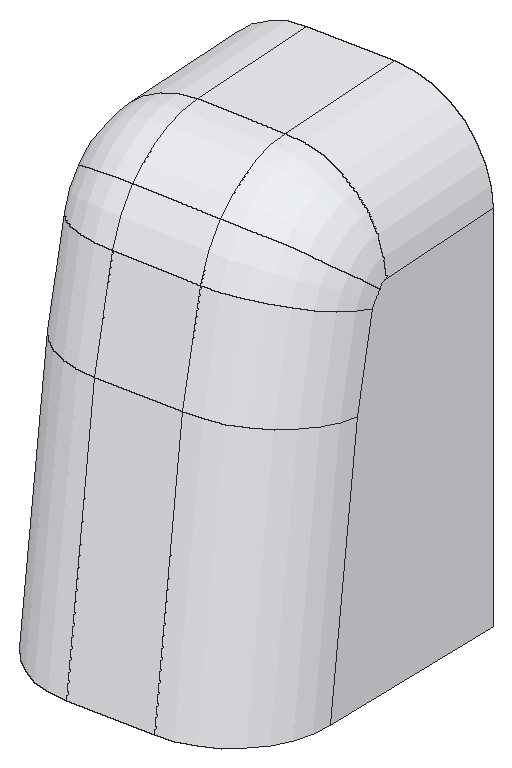
Revit family "Basin-Caroma Opal Sole Shroud", category Plumbing Fixtures, host Face, Revit 2012
Parameters (values of type "Shroud")
  Waste Connection = no
  Waste = Metal-Chrome-Caroma
  Vent Connection = no
  URL = "www.caroma.com.au"
  Type Comments = "Shroud"  # constant formula
  PlumbingMaterial_ANZRS = Porcelain-White-Caroma
  Model = "631701"
  Manufacturer = "Caroma"  # constant formula
  HW Connection = no
  Description = "Opal Sole Shroud"  # constant formula
  Default Elevation = 785 mm
  CreatedBy_ANZRS = "Design Content"  # constant formula
  CreatedByURL_ANZRS = "www.designcontent.com.au"
  CW Connection = no
Reference planes
  plane 1 "Origin": y = 0
  plane 2 "Back": z = 0
  plane 3 "Center (Left/Right)": x = 0
  plane 4 "Top": y = 107.5
  plane 5 "Front": z = 338
  plane 6 "Left": x = -101.5
  plane 7 "Right": x = 101.5
  plane 8 "Bottom": y = -107.5
Forms (mm)
  Sweep 1, solid, material "Porcelain-White-Caroma" <- "PlumbingMaterial_ANZRS"
    path origin (0, 0, 0) x (0, 1, 0) y (0, 0, 1)
      loop
        line (107.5, 338) -> (10.158, 334.354)
        arc (10.158, 334.354) -> (-22.024, 326.126) -> (-47.936, 305.342) r 78.616
        arc (-47.936, 305.342) -> (-58.853, 288.791) -> (-66.31, 270.419) r 100.539
        arc (-66.31, 270.419) -> (-75.635, 233.506) -> (-82.026, 195.973) r 483.426
        line (-82.026, 195.973) -> (-107.5, 0)
    profile origin (0, -47.936, 305.342) x (0, 0.77639, -0.630253) y (1, 0, 0)
      loop
        arc (0, -31.5) -> (20.503, -80.997) -> (70, -101.5) r 70
        line (70, -101.5) -> (75, -101.5) -> (75, -96.5) -> (70, -96.5)
        arc (70, -96.5) -> (24.038, -77.462) -> (5, -31.5) r 65
        line (5, -31.5) -> (5, 31.5)
        arc (5, 31.5) -> (24.038, 77.462) -> (70, 96.5) r 65
        line (70, 96.5) -> (75, 96.5) -> (75, 101.5) -> (70, 101.5)
        arc (70, 101.5) -> (20.503, 80.997) -> (0, 31.5) r 70
        line (0, 31.5) -> (0, -31.5)
  Extrusion 2, void
    sketch origin (0, 0, 0) x (0, 1, 0) y (0, 0, 1)
      loop
        line (107.5, 255.732) -> (152.5, 255.732) -> (152.5, 355.732) -> (107.5, 355.732) -> (107.5, 255.732)
    from 200 to -200
  Extrusion 3, solid, material "Porcelain-White-Caroma" <- "PlumbingMaterial_ANZRS"
    sketch origin (0, 0, 0) x (0, 1, 0) y (0, 0, 1)
      loop
        line (107.5, 262.947) -> (12.965, 259.407)
        arc (12.965, 259.407) -> (11.485, 259.029) -> (10.293, 258.073) r 3.616
        arc (10.293, 258.073) -> (7.52, 253.868) -> (5.626, 249.202) r 25.539
        arc (5.626, 249.202) -> (-1.722, 220.487) -> (-6.969, 191.314) r 408.426
        arc (-6.969, 191.314) -> (-7.318, 188.811) -> (-7.651, 186.305) r 408.426
        line (-7.651, 186.305) -> (-21.5, 79.769) -> (-31.869, 0) -> (107.5, 0) -> (107.5, 262.947)
    from 101.5 to 96.5
  Extrusion 4, solid, material "Porcelain-White-Caroma" <- "PlumbingMaterial_ANZRS"
    sketch origin (0, 0, 0) x (0, 1, 0) y (0, 0, -1)
      loop
        line (107.5, -262.947) -> (107.5, 0) -> (-31.869, 0) -> (-21.5, -79.769) -> (-7.651, -186.305)
        arc (-7.651, -186.305) -> (-7.318, -188.811) -> (-6.969, -191.314) r 408.426
        arc (-6.969, -191.314) -> (-1.722, -220.487) -> (5.626, -249.202) r 408.426
        arc (5.626, -249.202) -> (7.52, -253.868) -> (10.293, -258.073) r 25.539
        arc (10.293, -258.073) -> (11.485, -259.029) -> (12.965, -259.407) r 3.616
        line (12.965, -259.407) -> (107.5, -262.947)
    from 101.5 to 96.5
  Extrusion 5, void
    sketch origin (0, 0, 0) x (0, 1, 0) y (0, 0, 1)
      loop
        line (43.858, 0) -> (-161.142, 0) -> (-161.142, -45) -> (43.858, -45) -> (43.858, 0)
    from 200 to -200
Cuts and joins
  Extrusion 2, Extrusion 5 cuts Sweep 1
  Extrusion 5 cuts Extrusion 3
  Extrusion 5 cuts Extrusion 4
  joined: Sweep 1, Extrusion 3, Extrusion 4
Lines and regions (mm)
  Masking region 1
    outline origin (0, 0, 0) x (0, 1, 0) y (0, 0, 1)
      loop
        line (107.5, 338) -> (10.158, 334.354)
        arc (10.158, 334.354) -> (-22.024, 326.126) -> (-47.936, 305.342) r 78.616
        arc (-47.936, 305.342) -> (-58.853, 288.791) -> (-66.31, 270.419) r 100.539
        arc (-66.31, 270.419) -> (-75.635, 233.506) -> (-82.026, 195.973) r 483.426
        line (-82.026, 195.973) -> (-107.5, 0) -> (107.5, 0) -> (107.5, 338)
  Masking region 2
    outline origin (0, 0, 0) x (1, 0, 0) y (0, 1, 0)
      loop
        line (-101.5, 107.5) -> (-101.468, -36.911)
        arc (-101.468, -36.911) -> (-81.743, -86.065) -> (-33.31, -107.5) r 70.297
        line (-33.31, -107.5) -> (33.31, -107.5)
        arc (33.31, -107.5) -> (81.743, -86.065) -> (101.5, -36.911) r 70.297
        line (101.5, -36.911) -> (101.5, 107.5) -> (-101.5, 107.5)
Dimensions and locks
  equal spacing: plane 6 "Left", plane 3 "Center (Left/Right)", plane 7 "Right"
  plane 6 "Left" to plane 7 "Right" = 203 mm
  equal spacing: plane 4 "Top", plane 1 "Origin", plane 8 "Bottom"
  plane 8 "Bottom" to plane 4 "Top" = 215 mm
  plane 5 "Front" to level = 338 mm
  level to plane 5 "Front" = 338 mm
  aligned and locked: plane 2 "Back" to host face
  aligned and locked: level to host face
Automatic sketch dimensions
  host sketch curve to host sketch curve = 2438.4 mm  (x2)
  Sweep 1 sketch curve to level = 0 mm
  Sweep 1 sketch curve to plane 8 "Bottom" = 0 mm
  Sweep 1 sketch curve to plane 4 "Top" = 0 mm
  Sweep 1 sketch curve to plane 5 "Front" = 0 mm
  Sweep 1 sketch curve to plane 8 "Bottom" = 25.474 mm
  Sweep 1 sketch curve to plane 8 "Bottom" = 41.19 mm
  Sweep 1 sketch curve to Sweep 1 sketch curve = 0 mm  (x6)
  Sweep 1 sketch curve to plane 5 "Front" = 32.658 mm
  Sweep 1 sketch curve to Sweep 1 sketch curve = 18.374 mm
  Sweep 1 sketch curve to plane 5 "Front" = 3.645 mm
  Sweep 1 sketch curve to plane 1 "Origin" = 10.158 mm
  Sweep 1 sketch curve to plane 1 "Origin" = 13.1 mm
  Sweep 1 sketch curve to Sweep 1 sketch curve = 17.021 mm
  level to Sweep 1 sketch curve = 133.658 mm
  Sweep 1 sketch curve to profile plane = 0 mm
  Sweep 1 sketch curve to profile plane = 5 mm
  Sweep 1 sketch curve to profile plane = 70 mm  (x2)
  Sweep 1 sketch curve to Sweep 1 sketch curve = 5 mm  (x2)
  Sweep 1 sketch curve to plane 3 "Center (Left/Right)" = 101.5 mm
  plane 3 "Center (Left/Right)" to Sweep 1 sketch curve = 31.5 mm
  Extrusion 2 sketch curve to plane 4 "Top" = 0 mm
  plane 5 "Front" to Extrusion 2 sketch curve = 17.732 mm
  Extrusion 2 sketch curve to Extrusion 2 sketch curve = 45 mm
  Extrusion 2 sketch curve to plane 5 "Front" = 82.268 mm
  Masking region 1 sketch curve to level = 0 mm
  Masking region 1 sketch curve to plane 8 "Bottom" = 0 mm
  Masking region 1 sketch curve to plane 4 "Top" = 0 mm
  Masking region 1 sketch curve to plane 5 "Front" = 0 mm
  Masking region 1 sketch curve to plane 8 "Bottom" = 25.474 mm
  Masking region 1 sketch curve to plane 8 "Bottom" = 41.19 mm
  Masking region 1 sketch curve to Masking region 1 sketch curve = 0 mm  (x2)
  Masking region 1 sketch curve to plane 5 "Front" = 32.658 mm
  Masking region 1 sketch curve to Masking region 1 sketch curve = 18.374 mm
  Masking region 1 sketch curve to plane 5 "Front" = 3.645 mm
  Masking region 1 sketch curve to plane 1 "Origin" = 10.158 mm
  Masking region 1 sketch curve to plane 1 "Origin" = 13.1 mm
  Masking region 1 sketch curve to Masking region 1 sketch curve = 17.021 mm
  level to Masking region 1 sketch curve = 133.658 mm
  Extrusion 3 sketch curve to Extrusion 3 sketch curve = 0 mm  (x4)
  Extrusion 3 sketch curve to level = 0 mm
  Extrusion 3 sketch curve to plane 4 "Top" = 0 mm
  Extrusion 3 sketch curve to plane 1 "Origin" = 30.121 mm
  Extrusion 3 sketch curve to plane 1 "Origin" = 13.1 mm
  Extrusion 3 sketch curve to Extrusion 3 sketch curve = 0.135 mm
  Extrusion 3 sketch curve to Extrusion 3 sketch curve = 2.672 mm
  Extrusion 3 sketch curve to plane 1 "Origin" = 5.626 mm
  plane 1 "Origin" to Extrusion 3 sketch curve = 6.969 mm
  Extrusion 3 sketch curve to Extrusion 3 sketch curve = 0.683 mm
  plane 1 "Origin" to Extrusion 3 sketch curve = 21.5 mm
  plane 1 "Origin" to Extrusion 3 sketch curve = 31.869 mm
  level to Extrusion 3 sketch curve = 133.658 mm
  plane 4 "Top" to Extrusion 3 sketch curve = 289.867 mm
  level to Extrusion 3 sketch curve = 79.769 mm
  Extrusion 3 sketch curve to Extrusion 3 sketch curve = 106.537 mm
  Extrusion 3 sketch curve to plane 5 "Front" = 75.053 mm
  Extrusion 4 sketch curve to Extrusion 4 sketch curve = 0 mm  (x4)
  Extrusion 4 sketch curve to level = 0 mm
  Extrusion 4 sketch curve to plane 4 "Top" = 0 mm
  Extrusion 4 sketch curve to plane 1 "Origin" = 30.121 mm
  Extrusion 4 sketch curve to plane 1 "Origin" = 13.1 mm
  Extrusion 4 sketch curve to Extrusion 4 sketch curve = 0.135 mm
  Extrusion 4 sketch curve to Extrusion 4 sketch curve = 2.672 mm
  Extrusion 4 sketch curve to plane 1 "Origin" = 5.626 mm
  plane 1 "Origin" to Extrusion 4 sketch curve = 6.969 mm
  Extrusion 4 sketch curve to Extrusion 4 sketch curve = 0.683 mm
  plane 1 "Origin" to Extrusion 4 sketch curve = 21.5 mm
  plane 1 "Origin" to Extrusion 4 sketch curve = 31.869 mm
  level to Extrusion 4 sketch curve = 133.658 mm
  plane 4 "Top" to Extrusion 4 sketch curve = 289.867 mm
  Extrusion 4 sketch curve to plane 5 "Front" = 151.695 mm
  Extrusion 4 sketch curve to plane 5 "Front" = 75.053 mm
  level to Extrusion 4 sketch curve = 79.769 mm
  Extrusion 5 sketch curve to level = 0 mm
  plane 8 "Bottom" to Extrusion 5 sketch curve = 53.642 mm
  Extrusion 5 sketch curve to plane 1 "Origin" = 43.858 mm
  Extrusion 5 sketch curve to level = 45 mm
  Masking region 2 sketch curve to plane 4 "Top" = 0 mm
  Masking region 2 sketch curve to plane 7 "Right" = 0 mm
  Masking region 2 sketch curve to plane 6 "Left" = 0 mm
  plane 1 "Origin" to Masking region 2 sketch curve = 36.911 mm  (x2)
  plane 8 "Bottom" to Masking region 2 sketch curve = 0 mm
  Masking region 2 sketch curve to plane 6 "Left" = 0.032 mm
  Masking region 2 sketch curve to plane 3 "Center (Left/Right)" = 33.31 mm
  Masking region 2 sketch curve to plane 3 "Center (Left/Right)" = 31.172 mm
  plane 3 "Center (Left/Right)" to Masking region 2 sketch curve = 33.31 mm
  plane 1 "Origin" to Masking region 2 sketch curve = 37.236 mm  (x2)
  plane 3 "Center (Left/Right)" to Masking region 2 sketch curve = 31.172 mm
  Masking region 2 sketch curve to plane 7 "Right" = 0.032 mm
